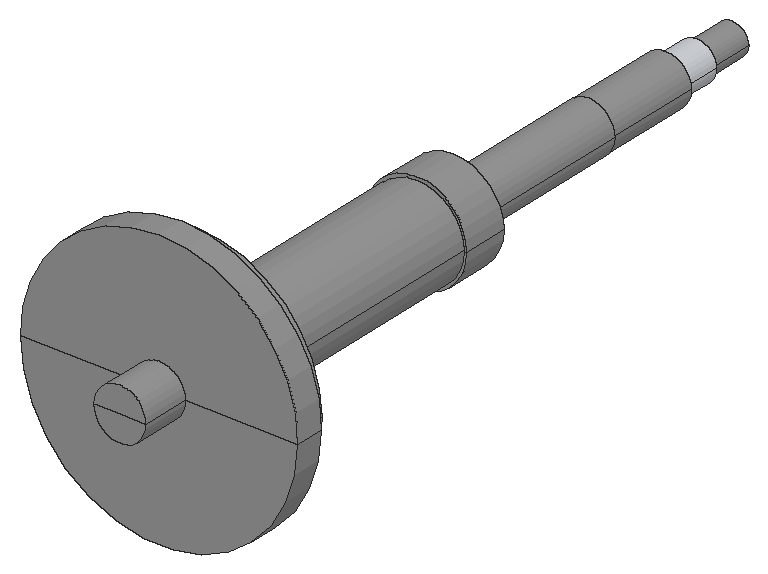
Revit family "Markier- und Spreizwerkzeug E-MSH 8x25", category Generic Models, Revit 2017
Family settings
  Can host rebar = No
  Round Connector Dimension = Use Diameter
  Part Type = Normal
  Work Plane-Based = No
  Always vertical = Yes
  Cut with Voids When Loaded = No
  Shared = No
  Room Calculation Point = No
Parameters (values of type "E-MSH 8x25")
  URL = "http://www.obo-bettermann.com"
  Material = Electrogalvanised
  Manufacturer Art.No. = "3492966"
  Manufacturer = "OBO BETTERMANN"
  GTIN = "4012196709724"
  Article Type = "E-MSH 8x25"
Reference planes
  plane 1 "Center (Front/Back)": y = 0
  plane 2: z = 0
  plane 3 "Center (Left/Right)": x = 0
Forms (mm)
  Revolve 1, solid, material "Electrogalvanised" <- "Material"
    sketch origin (0, 0, 0) x (1, 0, 0) y (0, 1, 0)
      loop
        line (0, 0) -> (7.994, 0) -> (7.994, 15) -> (0, 15) -> (0, 0)
      axis (0, 15) -> (0, 0)
    angle from 0 to 360
  Revolve 2, solid, material "Electrogalvanised" <- "Material"
    sketch origin (0, 0, 0) x (1, 0, 0) y (0, 1, 0)
      loop
        line (0, 15) -> (42.668, 15) -> (42.668, 23.754) -> (0, 23.754) -> (0, 15)
      axis (0, 23.754) -> (0, 15)
    angle from 0 to 360
  Revolve 3, solid, material "Electrogalvanised" <- "Material"
    sketch origin (0, 0, 0) x (1, 0, 0) y (0, 1, 0)
      loop
        line (0, 23.754) -> (38.806, 23.754) -> (38.806, 28.754) -> (0, 28.754) -> (0, 23.754)
      axis (0, 28.754) -> (0, 23.754)
    angle from 0 to 360
  Revolve 4, solid, material "Electrogalvanised" <- "Material"
    sketch origin (0, 0, 0) x (1, 0, 0) y (0, 1, 0)
      loop
        line (0, 28.754) -> (14.511, 28.754) -> (14.511, 113.754) -> (0, 113.754) -> (0, 28.754)
      axis (0, 113.754) -> (0, 28.754)
    angle from 0 to 360
  Revolve 5, solid, material "Electrogalvanised" <- "Material"
    sketch origin (0, 0, 0) x (1, 0, 0) y (0, 1, 0)
      loop
        line (0, 113.754) -> (15.482, 113.754) -> (15.482, 127.785) -> (0, 127.785) -> (0, 113.754)
      axis (0, 127.785) -> (0, 113.754)
    angle from 0 to 360
  Revolve 6, solid, material "Electrogalvanised" <- "Material"
    sketch origin (0, 0, 0) x (1, 0, 0) y (0, 1, 0)
      loop
        line (0, 127.785) -> (8.003, 127.785) -> (8.003, 179.742) -> (0, 179.742) -> (0, 127.785)
      axis (0, 179.742) -> (0, 127.785)
    angle from 0 to 360
  Revolve 7, solid, material "Electrogalvanised" <- "Material"
    sketch origin (0, 0, 0) x (1, 0, 0) y (0, 1, 0)
      loop
        line (0, 179.742) -> (7.769, 179.742) -> (7.769, 209.416) -> (0, 209.416) -> (0, 179.742)
      axis (0, 209.416) -> (0, 179.742)
    angle from 0 to 360
  Revolve 8, solid
    sketch origin (0, 0, 0) x (1, 0, 0) y (0, 1, 0)
      loop
        line (0, 209.416) -> (6.001, 209.416) -> (6.001, 221.266) -> (0, 221.266) -> (0, 209.416)
      axis (0, 221.266) -> (0, 209.416)
    angle from 0 to 360
  Revolve 9, solid, material "Electrogalvanised" <- "Material"
    sketch origin (0, 0, 0) x (1, 0, 0) y (0, 1, 0)
      loop
        line (0, 221.266) -> (5, 221.266) -> (5, 234.869) -> (0, 234.869) -> (0, 221.266)
      axis (0, 234.869) -> (0, 221.266)
    angle from 0 to 360
Dimensions and locks
  locked: Revolve 1 sketch curve to Revolve 1 sketch curve at 15
  locked: Revolve 1 sketch curve to Revolve 1 sketch curve at 7.994
  locked: Revolve 2 sketch curve to Revolve 2 sketch curve at 8.754
  locked: Revolve 2 sketch curve to Revolve 2 sketch curve at 42.668
  locked: Revolve 3 sketch curve to Revolve 2 at 5
  locked: Revolve 3 sketch curve to Revolve 3 sketch curve at 38.806
  locked: Revolve 3 to Revolve 4 sketch curve at 85
  locked: Revolve 4 sketch curve to Revolve 4 sketch curve at 14.511
  locked: Revolve 4 to Revolve 5 sketch curve at 14.031
  locked: Revolve 5 sketch curve to Revolve 5 sketch curve at 15.482
  locked: Revolve 5 to Revolve 6 sketch curve at 51.957
  locked: Revolve 6 sketch curve to Revolve 6 sketch curve at 8.003
  locked: Revolve 6 to Revolve 7 sketch curve at 29.674
  locked: Revolve 7 sketch curve to Revolve 7 sketch curve at 7.769
  locked: Revolve 7 to Revolve 8 sketch curve at 11.85
  locked: Revolve 8 sketch curve to Revolve 8 sketch curve at 6.001
  locked: Revolve 9 sketch curve to Revolve 8 at 13.603
  locked: Revolve 9 sketch curve to Revolve 9 sketch curve at 5
  aligned and locked: level to plane 2
  aligned and locked: Revolve 1 sketch curve to plane 3 "Center (Left/Right)"
  aligned and locked: Revolve 2 sketch curve to plane 3 "Center (Left/Right)"
  aligned and locked: Revolve 3 sketch curve to plane 3 "Center (Left/Right)"
  aligned and locked: Revolve 3 sketch curve to Revolve 2
  aligned and locked: Revolve 4 sketch curve to plane 3 "Center (Left/Right)"
  aligned and locked: Revolve 4 sketch curve to Revolve 3
  aligned and locked: Revolve 5 sketch curve to plane 3 "Center (Left/Right)"
  aligned and locked: Revolve 6 sketch curve to plane 3 "Center (Left/Right)"
  aligned and locked: Revolve 7 sketch curve to plane 3 "Center (Left/Right)"
  aligned and locked: Revolve 8 sketch curve to plane 3 "Center (Left/Right)"
  aligned and locked: Revolve 9 sketch curve to plane 3 "Center (Left/Right)"
